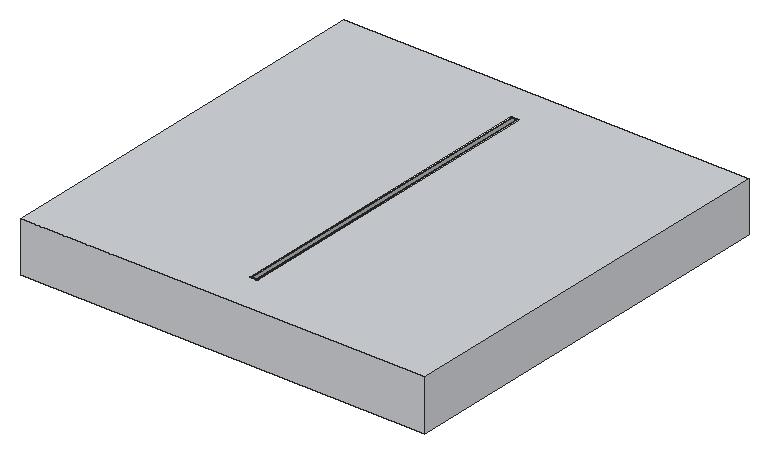
Revit family "LAMP_FIL 35 1960MM OPAL RECESSED", category Luminarias, Revit 2018
Family settings
  Anfitrión = Cara
  Cota de conector redondo = Diámetro de uso
  Tipo de pieza = Normal
  Corte con vacíos al cargar = No
  Origen de luz = Sí
  Compartido = No
  Punto de cálculo de habitación = No
Parameters (values of type "2128LM 3000K  WHITE")
  Ángulo de inclinación = -90.00°
  Weight = 4.65 kg
  Wattage = 18.9 W
  Type = "MID POWER TRIDONIC"
  built-in parameter 1150107 = 3000 (stored number, unit not read)
  Recessed dimensions = "1968x42x0"
  built-in parameter 1150110 = 1 (stored number, unit not read)
  built-in parameter 1150109 = 1 (stored number, unit not read)
  built-in parameter 1150112 = 1 (stored number, unit not read)
  built-in parameter 1150113 = 1 (stored number, unit not read)
  built-in parameter 1114218 = 1 (stored number, unit not read)
  Protection rating = "IP20 / IK07"
  Product datasheet = "http://www.lamp.es/product-files/TECH/F31RE196LOOP830NW-EN.pdf"
  Product code = "F31RE196LOOP830NW"
  Product URL = "https://www.lamp.es/en/family/fil-35_413911"
  Power Supply = "220-240V 50/60Hz"
  Power = 19 W
  Plum = 18.9 W
  Photobiological risk = ""
  NOT COVER 2 [instance] = not(END COVER 2)  # no
  NOT COVER 1 [instance] = not(END COVER 1)  # no
  built-in parameter 1150137 = (empty or 0)
  built-in parameter 1150132 = 2
  Modelo = Product code  # "F31RE196LOOP830NW"
  Model Explanation = ""
  Material suspension = LAMP_Acero genérico
  Material perfil = LAMP_Aluminio Perfil Fil BL
  Material difusor = LAMP_PC Difusor Opal Fil
  Manufacturer name = "LAMP"
  Manufacturer country = "Spain"
  Manufacturer URL = "http://www.lamp.es/en"
  MacAdam = "3"
  Longitud de línea de emisión = 1960 mm
  Last update = "04/05/2021"
  Lamp = "MID-POWER LED"
  LED Lifetime = "50.000 L90 B10"
  built-in parameter 1150105 = 840.94 (stored number, unit not read)
  built-in parameter 1150102 = (empty or 0)
  Insulation class = "I"
  Installation instructions = "https://www.lamp.es/product-files/INS/1004590-A%20INSTR.%20FIL35.pdf"
  built-in parameter 1150106 = 8.4094 (stored number, unit not read)
  IEE = "A+"
  Gear = "Electronic"
  Lumens = 2128.14 lm
  Finish = "Matte white RAL 9010"
  Color Filter = 16777215
  built-in parameter 1114217 = 1 (stored number, unit not read)
  built-in parameter 1150139 = (empty or 0)
  Fabricante = Manufacturer name  # "LAMP"
  Default Elevation = 1219.2 mm
  built-in parameter 1150104 = 10.461 (stored number, unit not read)
  Efficacy = 112.6 lm/W
  END COVER 2 [instance] = yes
  END COVER 1 [instance] = yes
  Dimensions = "1960x45x76"
  Descripción = "FIL35 REC 1960 2800 WW OPAL WH."
  built-in parameter 1150115 = 1 (stored number, unit not read)
  built-in parameter 1150114 = 1 (stored number, unit not read)
  built-in parameter 1150138 = (empty or 0)
  built-in parameter 1150134 = 3
  Dimming Lamp Color Temperature Shift = (empty or 0)
  CRI = "80"
  Archivo de red fotométrica = "F31RE196LOOP830NW.IES"
  built-in parameter 1150133 = 10 (stored number, unit not read)
Types (12, lengths in mm): name | Wattage | built-in parameter 1150107 | Product datasheet | Product code | Modelo | Material perfil | built-in parameter 1150105 | built-in parameter 1150106 | Lumens | Finish | Descripción | Archivo de red fotométrica
  2128LM 3000K DALI BLACK | 18.9 W | 3000 (stored number, unit not read) | "http://www.lamp.es/product-files/TECH/F31RE196LOOP830DB-EN.pdf" | "F31RE196LOOP830DB" | "F31RE196LOOP830DB" | LAMP_Aluminio Perfil Fil NG | 840.94 (stored number, unit not read) | 8.4094 (stored number, unit not read) | 2128.14 lm | "Matte black RAL 9011" | "FIL35 REC 1960 2800 WW OPAL DALI BK." | "F31RE196LOOP830nB.IES"
  2128LM 3000K DALI GREY | 18.9 W | 3000 (stored number, unit not read) | "http://www.lamp.es/product-files/TECH/F31RE196LOOP830DG-EN.pdf" | "F31RE196LOOP830DG" | "F31RE196LOOP830DG" | LAMP_Aluminio Perfil Fil GR | 840.94 (stored number, unit not read) | 8.4094 (stored number, unit not read) | 2128.14 lm | "Gloss grey" | "FIL35 REC 1960 2800 WW OPAL DALI GR." | "F31RE196LOOP830nG.IES"
  2128LM 3000K DALI WHITE | 18.9 W | 3000 (stored number, unit not read) | "http://www.lamp.es/product-files/TECH/F31RE196LOOP830DW-EN.pdf" | "F31RE196LOOP830DW" | "F31RE196LOOP830DW" | LAMP_Aluminio Perfil Fil BL | 840.94 (stored number, unit not read) | 8.4094 (stored number, unit not read) | 2128.14 lm | "Matte white RAL 9010" | "FIL35 REC 1960 2800 WW OPAL DALI WH." | "F31RE196LOOP830nW.IES"
  2128LM 3000K  BLACK | 18.9 W | 3000 (stored number, unit not read) | "http://www.lamp.es/product-files/TECH/F31RE196LOOP830NB-EN.pdf" | "F31RE196LOOP830NB" | "F31RE196LOOP830NB" | LAMP_Aluminio Perfil Fil NG | 840.94 (stored number, unit not read) | 8.4094 (stored number, unit not read) | 2128.14 lm | "Matte black RAL 9011" | "FIL35 REC 1960 2800 WW OPAL BK." | "F31RE196LOOP830NB.IES"
  2128LM 3000K  GREY | 18.9 W | 3000 (stored number, unit not read) | "http://www.lamp.es/product-files/TECH/F31RE196LOOP830NG-EN.pdf" | "F31RE196LOOP830NG" | "F31RE196LOOP830NG" | LAMP_Aluminio Perfil Fil GR | 840.94 (stored number, unit not read) | 8.4094 (stored number, unit not read) | 2128.14 lm | "Gloss grey" | "FIL35 REC 1960 2800 WW OPAL GR." | "F31RE196LOOP830NG.IES"
  2128LM 3000K  WHITE | 18.9 W | 3000 (stored number, unit not read) | "http://www.lamp.es/product-files/TECH/F31RE196LOOP830NW-EN.pdf" | "F31RE196LOOP830NW" | "F31RE196LOOP830NW" | LAMP_Aluminio Perfil Fil BL | 840.94 (stored number, unit not read) | 8.4094 (stored number, unit not read) | 2128.14 lm | "Matte white RAL 9010" | "FIL35 REC 1960 2800 WW OPAL WH." | "F31RE196LOOP830NW.IES"
  2128LM 4000K DALI BLACK | 18.9 W | 4000 (stored number, unit not read) | "http://www.lamp.es/product-files/TECH/F31RE196LOOP840DB-EN.pdf" | "F31RE196LOOP840DB" | "F31RE196LOOP840DB" | LAMP_Aluminio Perfil Fil NG | 840.94 (stored number, unit not read) | 8.4094 (stored number, unit not read) | 2128.14 lm | "Matte black RAL 9011" | "FIL35 REC 1960 2800 NW OPAL DALI BK." | "F31RE196LOOP840nB.IES"
  2128LM 4000K DALI GREY | 18.9 W | 4000 (stored number, unit not read) | "http://www.lamp.es/product-files/TECH/F31RE196LOOP840DG-EN.pdf" | "F31RE196LOOP840DG" | "F31RE196LOOP840DG" | LAMP_Aluminio Perfil Fil GR | 840.94 (stored number, unit not read) | 8.4094 (stored number, unit not read) | 2128.14 lm | "Gloss grey" | "FIL35 REC 1960 2800 NW OPAL DALI GR." | "F31RE196LOOP840nG.IES"
  2128LM 4000K DALI WHITE | 18.9 W | 4000 (stored number, unit not read) | "http://www.lamp.es/product-files/TECH/F31RE196LOOP840DW-EN.pdf" | "F31RE196LOOP840DW" | "F31RE196LOOP840DW" | LAMP_Aluminio Perfil Fil BL | 840.94 (stored number, unit not read) | 8.4094 (stored number, unit not read) | 2128.14 lm | "Matte white RAL 9010" | "FIL35 REC 1960 2800 NW OPAL DALI WH." | "F31RE196LOOP840nW.IES"
  2128LM 4000K  BLACK | 18.1 W | 4000 (stored number, unit not read) | "http://www.lamp.es/product-files/TECH/F31RE196LOOP840NB-EN.pdf" | "F31RE196LOOP840NB" | "F31RE196LOOP840NB" | LAMP_Aluminio Perfil Fil NG | 805.34 (stored number, unit not read) | 8.0534 (stored number, unit not read) | 2038.06 lm | "Matte black RAL 9011" | "FIL35 REC 1960 2800 NW OPAL BK." | "F31RE196LOOP840NB.IES"
  2128LM 4000K  GREY | 18.9 W | 4000 (stored number, unit not read) | "http://www.lamp.es/product-files/TECH/F31RE196LOOP840NG-EN.pdf" | "F31RE196LOOP840NG" | "F31RE196LOOP840NG" | LAMP_Aluminio Perfil Fil GR | 840.94 (stored number, unit not read) | 8.4094 (stored number, unit not read) | 2128.14 lm | "Gloss grey" | "FIL35 REC 1960 2800 NW OPAL GR." | "F31RE196LOOP840NG.IES"
  2128LM 4000K  WHITE | 18.9 W | 4000 (stored number, unit not read) | "http://www.lamp.es/product-files/TECH/F31RE196LOOP840NW-EN.pdf" | "F31RE196LOOP840NW" | "F31RE196LOOP840NW" | LAMP_Aluminio Perfil Fil BL | 840.94 (stored number, unit not read) | 8.4094 (stored number, unit not read) | 2128.14 lm | "Matte white RAL 9010" | "FIL35 REC 1960 2800 NW OPAL WH." | "F31RE196LOOP840NW.IES"
Reference planes
  plane 1 "Centro (Frontal/Posterior)": y = 0
  plane 2: z = 0
  plane 3 "Centro (Izquierda/Derecha)": x = 0
Forms (mm)
  Extrusion 1, solid
    sketch origin (0, 0, 0) x (1, 0, 0) y (0, 1, 0)
      loop
        line (-1219.2, 1219.2) -> (-1219.2, -1219.2) -> (1219.2, -1219.2) -> (1219.2, 1219.2) -> (-1219.2, 1219.2)
    from 0 to -304.8
  Extrusion 2, solid, material "LAMP_Aluminio Perfil Fil BL" <- "Material perfil"
    sketch origin (0, 0, -281.8) x (1, 0, 0) y (0, 0, 1)
      loop
        line (-17.5, 281.8) -> (-17.5, 207) -> (0, 207) -> (17.5, 207) -> (17.5, 281.8) -> (22.5, 281.8) -> (22.5, 283) -> (16.5, 283) -> (16.5, 259) -> (0, 259) -> (-16.5, 259) -> (-16.5, 283) -> (-22.5, 283) -> (-22.5, 281.8) -> (-17.5, 281.8)
    from -980 to 980
  Extrusion 3, solid, material "LAMP_PC Difusor Opal Fil" <- "Material difusor"
    sketch origin (0, 0, -281.8) x (1, 0, 0) y (0, 0, 1)
      loop
        line (-16.5, 283) -> (-16.5, 281.8) -> (16.5, 281.8) -> (16.5, 283) -> (-16.5, 283)
    from -980 to 980
Text (mm)
  text "Any modification of the parameters and properties of the LAMP BIM models must be executed and validated by the LAMP technical department.\nPhone: +34 93 736 68 00\nE-mail: lamp@lamp.es\n\nLAMP reserves the right to modify the technical specifications of its products." at (3099.4, 5332.453, -2854.88), in view "Preview"
Dimensions and locks
  aligned and locked: plane 2 to Extrusion 1
  aligned and locked: level to Extrusion 1
Nested families
  nested 1: "LAMP_FIL 35 END COVER RECESSED" at (0, -981, -74.8), visible <- "END COVER 1", type "LAMP_FIL 35 END COVER RECESSED"
  nested 2: "LAMP_FIL 35 END COVER RECESSED" at (0, 981, -74.8) x (-1, 0, 0) z (0, 0, 1), visible <- "END COVER 2", type "LAMP_FIL 35 END COVER RECESSED"
Connectors
  electrical at (0, 0, -75.3)
    settings: on Extrusion 2, index 1, voltage 230 V, apparent load 0 VA, apparent load phase1 0 VA, apparent load phase2 0 VA, apparent load phase3 0 VA, power factor 1, load classification "Otro", number of poles 1, system type 31, power factor state 1, is connector primary yes, connector utility no, sub classification motor no, connector description ""
Definition of nested family "LAMP_FIL 35 END COVER RECESSED"
  Parameters (values of type "LAMP_FIL 35 END COVER RECESSED")
    Material tapa = none
  Reference planes
    plane 1 "Centro (Frontal/Posterior)": y = 0
    plane 2: z = 0
    plane 3 "Centro (Izquierda/Derecha)": x = 0
  Forms (mm)
    Extrusion 1, solid, material <- "Material tapa"
      sketch origin (0, 0, 76.8) x (0, -1, 0) y (0, 0, -1)
        loop
          line (1, 76.8) -> (-1, 76.8) -> (-1, 0.8) -> (5, 0.8) -> (5, 2) -> (1, 2) -> (1, 76.8)
      from -22.5 to 22.5
    Extrusion 2, void
      sketch origin (-5.1, 0, 0) x (1, 0, 0) y (0, 0, 1)
        loop
          line (22.6, 74.8) -> (22.6, 0) -> (27.6, 0) -> (27.6, 74.8) -> (22.6, 74.8)
      from -23.5 to 23.5
    Extrusion 3, void
      sketch origin (5.1, 0, 0) x (1, 0, 0) y (0, 0, 1)
        loop
          line (-22.6, 74.8) -> (-27.6, 74.8) -> (-27.6, 0) -> (-22.6, 0) -> (-22.6, 74.8)
      from -23.5 to 23.5
  Cuts and joins
    Extrusion 2, Extrusion 3 cuts Extrusion 1
  Dimensions and locks
    aligned and locked: level to plane 2
